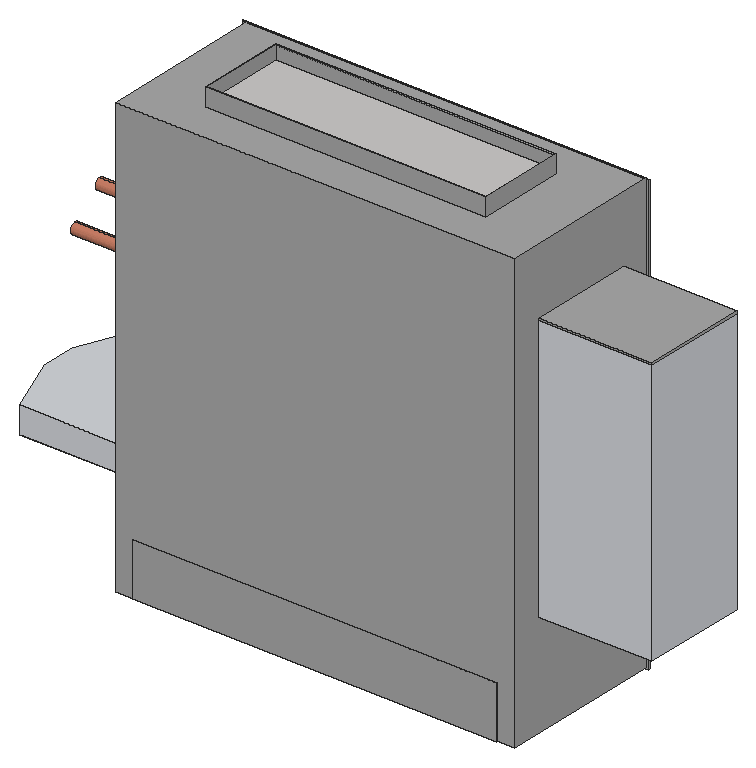
Revit family (continued)
Definition of nested family "HVAC-JCI-Auxiliary_Drain_Pan"
  Dimensions and locks (in)
    aligned and locked: Extrusion 1 sketch curve to curve 5
    aligned and locked: Extrusion 1 sketch curve to curve 4
    aligned and locked: Extrusion 1 sketch curve to curve 6
    aligned and locked: Extrusion 1 sketch curve to curve 3
    aligned and locked: plane 4 "Top" to Extrusion 1
    aligned and locked: Extrusion 1 to plane 7 "Center Auxiliary Drain (Left/Right)"
    aligned and locked: Blend 2 sketch curve to curve 11
    aligned and locked: Blend 2 sketch curve to curve 12
    aligned and locked: Blend 2 sketch curve to curve 13
    aligned and locked: Blend 2 sketch curve to curve 8
    aligned and locked: Blend 2 sketch curve to curve 9
    aligned and locked: Blend 2 sketch curve to curve 10
    aligned and locked: Blend 2 sketch curve to curve 5
    aligned and locked: Blend 2 sketch curve to curve 4
    aligned and locked: Blend 2 sketch curve to curve 6
    aligned and locked: Blend 2 sketch curve to curve 3
    aligned and locked: Blend 2 sketch curve to curve 1
    aligned and locked: Extrusion 3 to curve 7
    aligned and locked: Masking region 1 sketch curve to plane 8 "Back"
    aligned and locked: Masking region 1 sketch curve to Extrusion 1
    aligned and locked: plane 5 "Right" to Masking region 1 sketch curve
    aligned and locked: plane 6 "Front" to Masking region 1 sketch curve
    aligned and locked: Masking region 2 sketch curve to plane 4 "Top"
    aligned and locked: Masking region 2 sketch curve to Blend 2  (x2)
    aligned and locked: plane 2 "Drain Top" to Masking region 2 sketch curve  (x2)
    aligned and locked: Masking region 2 sketch curve to Extrusion 3
    aligned and locked: plane 5 "Right" to Masking region 2 sketch curve
    aligned and locked: Masking region 3 sketch curve to Extrusion 3
    aligned and locked: Masking region 3 sketch curve to plane 4 "Top"
    aligned and locked: Masking region 3 sketch curve to plane 8 "Back"
    aligned and locked: plane 6 "Front" to Masking region 3 sketch curve
    aligned and locked: Masking region 3 sketch curve to Blend 2  (x2)
    aligned and locked: curve 20 to Blend 2
    aligned and locked: curve 21 to Blend 2
    aligned and locked: curve 22 to Blend 2
    aligned and locked: curve 23 to Blend 2
    aligned and locked: curve 24 to Blend 2
    aligned and locked: curve 25 to Blend 2
    aligned and locked: curve 26 to Extrusion 3
    aligned and locked: curve 27 to Extrusion 3
    aligned and locked: curve 1 to plane 15 "Left"
    aligned and locked: Masking region 1 sketch curve to plane 15 "Left"
    aligned and locked: plane 15 "Left" to Extrusion 1
    aligned and locked: curve 32 to plane 17 "Drain Angle 7"
    aligned and locked: curve 33 to plane 16 "Drain Angle 10"
    aligned and locked: curve 31 to plane 10 "Drain Center"
    aligned and locked: curve 30 to plane 10 "Drain Center"
    aligned and locked: curve 29 to plane 14 "Drain Angle 4"
    aligned and locked: curve 28 to plane 13 "Drain Angle 2"
    aligned and locked: Extrusion 1 to plane 5 "Right"
    aligned and locked: plane 15 "Left" to Masking region 1
    aligned and locked: Extrusion 1 to plane 6 "Front"
    aligned and locked: plane 8 "Back" to Extrusion 1
    aligned and locked: curve 21 to plane 12 "Drain Left"
    aligned and locked: plane 11 "Drain Right" to curve 24
    aligned and locked: curve 1 to Extrusion 1
    aligned and locked: curve 34 to Extrusion 1
    aligned and locked: curve 35 to Extrusion 1
    aligned and locked: curve 36 to Extrusion 1
    aligned and locked: curve 37 to Extrusion 1
    aligned and locked: curve 38 to Extrusion 1
    aligned and locked: curve 39 to Extrusion 1
    aligned and locked: curve 42 to Extrusion 1
    aligned and locked: curve 43 to Extrusion 1
    aligned and locked: curve 44 to Extrusion 1
    aligned and locked: curve 45 to Extrusion 1
    aligned and locked: curve 7 to Extrusion 3
  Automatic sketch dimensions
    Blend 2 sketch curve to plane 8 "Back" = 0' - 0"
    plane 3 "Center (Left/Right)" to Masking region 1 sketch curve = 0' - 1.33846"
    plane 1 "Center (Front/Back)" to Masking region 1 sketch curve = 0' - 1"
    Masking region 2 sketch curve to Masking region 2 sketch curve = 0' - 0.13421"  (x2)
    Masking region 3 sketch curve to level = 0' - 0"  (x2)
    Masking region 3 sketch curve to Masking region 3 sketch curve = 0' - 0.27099"
    Masking region 3 sketch curve to Masking region 3 sketch curve = 0' - 0.27101"
    curve 16 to level = 0' - 0"
    curve 17 to plane 7 "Center Auxiliary Drain (Left/Right)" = 0' - 0"
    curve 14 to plane 7 "Center Auxiliary Drain (Left/Right)" = 0' - 0"
    curve 15 to plane 4 "Top" = 0' - 0"
    curve 14 to plane 4 "Top" = 0' - 0"
    curve 17 to plane 5 "Right" = 0' - 0"
    plane 3 "Center (Left/Right)" to curve 16 = 0' - 0.58846"
    plane 3 "Center (Left/Right)" to curve 15 = 0' - 1.33846"
    plane 5 "Right" to curve 16 = 0' - 0.66154"
    curve 18 to plane 7 "Center Auxiliary Drain (Left/Right)" = 0' - 0"
    curve 19 to plane 6 "Front" = 0' - 0"
    curve 19 to plane 7 "Center Auxiliary Drain (Left/Right)" = 0' - 0"
    curve 18 to level = 0' - 0"
    curve 18 to plane 8 "Back" = 0' - 0"
    curve 18 to plane 1 "Center (Front/Back)" = 0' - 0.5105"
    plane 1 "Center (Front/Back)" to curve 19 = 0' - 0.5105"
    curve 19 to level = 0' - 0"
    curve 28 to plane 7 "Center Auxiliary Drain (Left/Right)" = 0' - 0"
    curve 28 to level = 0' - 0"
    curve 28 to curve 28 = 0' - 0.71951"
    curve 29 to plane 7 "Center Auxiliary Drain (Left/Right)" = 0' - 0"
    curve 29 to level = 0' - 0"
    curve 29 to curve 29 = 0' - 0.71951"
    curve 31 to plane 7 "Center Auxiliary Drain (Left/Right)" = 0' - 0"
    curve 30 to plane 6 "Front" = 0' - 0"
    curve 30 to plane 7 "Center Auxiliary Drain (Left/Right)" = 0' - 0"
    curve 31 to level = 0' - 0"
    curve 30 to level = 0' - 0"
    curve 31 to plane 8 "Back" = 0' - 0"
    curve 31 to plane 1 "Center (Front/Back)" = 0' - 1.021"
    plane 1 "Center (Front/Back)" to curve 30 = 0' - 1.021"
    curve 14 to plane 3 "Center (Left/Right)" = 0' - 2 3/4"
    Masking region 2 sketch curve to plane 7 "Center Auxiliary Drain (Left/Right)" = 0' - 0"
    Extrusion 1 sketch curve to plane 15 "Left" = 0' - 0"
    curve 32 to level = 0' - 0"
    curve 32 to plane 7 "Center Auxiliary Drain (Left/Right)" = 0' - 0"
    curve 32 to curve 32 = 0' - 5.44404"
    curve 33 to level = 0' - 0"
    curve 33 to plane 7 "Center Auxiliary Drain (Left/Right)" = 0' - 0"
    curve 33 to curve 33 = 0' - 5.44404"
    curve 10 to plane 10 "Drain Center" = 0' - 0"
    curve 13 to plane 10 "Drain Center" = 0' - 0"
    curve 24 to plane 14 "Drain Angle 4" = 0' - 0"
    curve 21 to plane 17 "Drain Angle 7" = 0' - 0"
    curve 21 to plane 16 "Drain Angle 10" = 0' - 0"
    curve 9 to plane 13 "Drain Angle 2" = 0' - 0"
    plane 1 "Center (Front/Back)" to curve 8 = 0' - 1.021"
    curve 11 to curve 11 = 0' - 0.5105"
    curve 3 to plane 6 "Front" = 0' - 0"
    curve 3 to plane 10 "Drain Center" = 0' - 0"
    curve 2 to plane 8 "Back" = 0' - 0"
    curve 2 to plane 10 "Drain Center" = 0' - 0"
    curve 5 to plane 13 "Drain Angle 2" = 0' - 0"
    curve 34 to plane 1 "Center (Front/Back)" = 0' - 0"
    curve 6 to plane 14 "Drain Angle 4" = 0' - 0"
    curve 41 to plane 1 "Center (Front/Back)" = 0' - 0"
    curve 44 to plane 4 "Top" = 0' - 0"
    curve 45 to plane 4 "Top" = 0' - 0"
    Extrusion 3 sketch curve to plane 1 "Center (Front/Back)" = 0' - 0"
    Extrusion 3 sketch curve to plane 10 "Drain Center" = 0' - 0"
    radius of Extrusion 3 sketch curve = 0' - 0 3/8"
